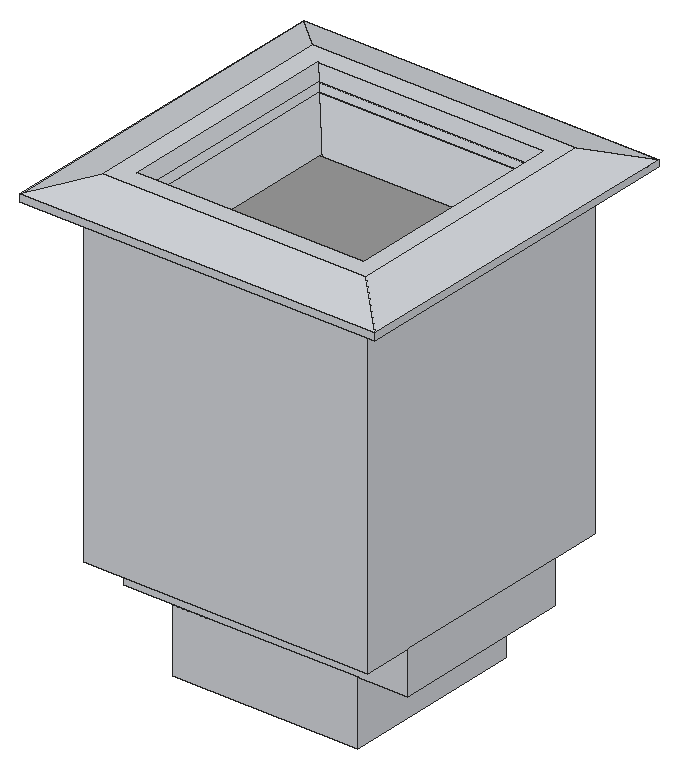
Revit family "2061053 Sylvania Lighting Fixture DOMINO 1xLED 940 BLACK MB TRIM WHITE", category Lighting Fixtures, host Face, Revit 2018
Family settings
  Host = Face
  Round Connector Dimension = Use Diameter
  Part Type = Normal
  OmniClass Number = 23.80.70.00
  OmniClass Title = Lighting
  Cut with Voids When Loaded = No
  Light Source = Yes
  Shared = No
  Room Calculation Point = No
Parameters (values of type "2061053 DOMINO 1XLED 940 BLACK MB TR WHT ")
  top top width = 15.812 mm
  top top length = 26 mm
  Width = 50 mm
  Weight = "n/a"
  Wattage Comments = ""
  Wattage = 9.2903 W
  WarrantyStartDate [instance] = "n/a"
  WarrantyGuarantorParts = "n/a"
  WarrantyDurationUnit = "n/a"
  WarrantyDurationParts = ""
  WarrantyDescription = "http://www.sylvania-lighting.com"
  built-in parameter 1150110 = 1 (stored number, unit not read)
  Voltage = 0 V
  URL = "0.6"
  TypeName = "DOMINO 1xLED 940 BLACK MB TRIM WHITE"
  Type Image = <None>
  Type Comments = "n/a"
  built-in parameter 1114217 = 1 (stored number, unit not read)
  Top Width = 26 mm
  Tilt Angle = 90.00°
  built-in parameter 1150109 = 1 (stored number, unit not read)
  built-in parameter 1150134 = 3
  built-in parameter 1150113 = 1 (stored number, unit not read)
  SerialNumber [instance] = "n/a"
  Recessed Width = 43 mm
  Recessed Length = 43 mm
  Photometric Web File = "2061053.ies"
  Material_3_FEILO = none
  PowerFactor = 0
  PowerConsumption = "Lighting"
  NominalLength = 50 mm
  NominalHeight = 0 mm
  NominalDepth = 0 mm
  Name = "DOMINO 1xLED 940 BLACK MB TRIM WHITE"
  ModelReference = Name  # "DOMINO 1xLED 940 BLACK MB TRIM WHITE"
  ModelNumber = "2061053"
  Model = Name  # "DOMINO 1xLED 940 BLACK MB TRIM WHITE"
  Material = "Feilo Sylvania"
  ManufacturerName = "48 lm/W"
  Manufacturer = ""
  LuminousEfficacy = ""
  built-in parameter 1150105 = 109.82 (stored number, unit not read)
  Lumens = 1380 lm
  LuminaireType = "0"
  built-in parameter 1150115 = 1 (stored number, unit not read)
  LightOutputRatio = "LED"
  built-in parameter 1150137 = (empty or 0)
  built-in parameter 1150139 = (empty or 0)
  Lens inside recess = 25 mm
  Lens Width = 32 mm
  Lens Outside recess = 31.978 mm
  Lens = Glass, White, High Luminance
  Length = 50 mm
  LampsType = Lamp  # "n/a"
  LampNominalLuminous = "4000 K"
  LampMacAdamStep = "90"
  LampColourTemperature = "LED"
  LampColourRenderingIndex = "16500"
  built-in parameter 1150112 = 1 (stored number, unit not read)
  built-in parameter 1150114 = 1 (stored number, unit not read)
  Lamp = "n/a"
  Keynote = "n/a"
  InstallationDate [instance] = "n/a"
  InputVoltage = "0"
  InputNominalFrequency = "4000"
  built-in parameter 1150132 = (empty or 0)
  built-in parameter 1150102 = (empty or 0)
  built-in parameter 1150107 = 3200 (stored number, unit not read)
  built-in parameter 1150138 = (empty or 0)
  IngressProtection = "IfcLightFixtureType"
  ImpactProtectionIndex = "IfcLightFixtureType"
  built-in parameter 1150106 = 1.0982 (stored number, unit not read)
  IfcExportType = "IfcLightFixtureType"
  IfcExportAs = "Class II"
  Facia internal width = 37 mm
  Facia internal length = 37 mm
  Facia Height = 2 mm
  ExpectedLife = 50000
  Emit from Circle Diameter = 609.6 mm
  Emit Shape Visible in Rendering = no
  ElectricShockClassification = "48"
  built-in parameter 1150104 = 13.8 (stored number, unit not read)
  DurationUnit = "hours"
  DocumentationLiterature = "http://www.sylvania-lighting.com/product/en-int/products/2061053"
  DimmingControlOptions = "n/a"
  Material_2_FEILO = none
  Dimming Lamp Color Temperature Shift = <None>
  Description = "Modular LED recessed linear spotlight, ideal for retail and hospitality applications. Die-cast aluminium body, passive cooling. Two levels of reflector installation, low glaring UGR<16. 1x LED source, 30° beam angle , optics: PMMA lens and polycarbonate reflector combination, Black matt reflector finish. Light color temperature: 4000K neutral white, total system power: 4W , total fixture lumen output: 190lm, efficacy: 48 lm/W, Ra90 typical, LED chromacity: 3 step MacAdam ellipse (SDCM3), lifespan: 96,000 hours at 90% of the original output (L90B10), IR/UV free light source without heat radiation, operating voltage: 220-240V / 50-60Hz, electronic driver, ultra low flicker, non-dimmable , electrical protection: Class II. Degree of Protection: IP40/IP20, suitable for indoor environment only. Ceiling cut-out: 43x43mm, outer dimensions:  50x50mm trim frame RAL 9016 - Traffic white / Bezel color.5 years Warranty."
  Default Elevation = 1219.2 mm
  CreatedOn = "09/02/2021"
  CreatedBy = "@sylvania-lighting.com"
  Cost = 0
  Color Filter = 16777215
  built-in parameter 1114216 [instance] = (empty or 0)
  ClassificationValue = "EF_70_80"
  ClassificationName = "Uniclass2015"
  Material_1_FEILO = none
  Body Width = 40 mm
  Body Length = 40 mm
  BarCode [instance] = "n/a"
  built-in parameter 1114218 = 1 (stored number, unit not read)
  built-in parameter 1150133 = 10 (stored number, unit not read)
  AssetType = "Fixed"
  AssetIdentifier [instance] = "n/a"
  Assembly Code = "D5020200"
  Apparent Load = 4 VA
  Material_4_FEILO = none
Reference planes
  plane 1 "Center (Front/Back)": y = 0
  plane 2: z = 0
  plane 3 "Center (Left/Right)": x = 0
  plane 4: z = 0
  plane 5: z = -7
  plane 6: z = -45.895
  plane 7: z = -51.895
  plane 8: z = -60.895
  plane 9: x = -21.5
  plane 10: x = 21.5
  plane 11: y = 21.5
  plane 12: y = -21.5
  plane 13: x = -25
  plane 14: x = 25
  plane 15: y = 25
  plane 16: y = -25
  plane 17: x = 18.5
  plane 18: x = -18.5
  plane 19: y = 18.5
  plane 20: y = -18.5
  plane 21: z = 2
  plane 22: x = -20
  plane 23: x = 20
  plane 24: y = 20
  plane 25: y = -20
  plane 26: y = 13
  plane 27: y = -13
  plane 28: y = 16
  plane 29: y = -16
  plane 30: x = 13
  plane 31: x = -13
  plane 32: x = -15.772
  plane 33: x = 16.206
  plane 34: y = 12.5
  plane 35: y = -12.5
  plane 36: x = -12.5
  plane 37: x = 12.5
Forms (mm)
  Extrusion 1, solid, not visible, detail levels medium+fine
    sketch origin (4.2, 0, 0) x (1, 0, 0) y (0, 1, 0)
      loop
        line (-29.2, 34.5) -> (-29.2, -34.5) -> (20.8, -34.5) -> (20.8, 34.5) -> (-29.2, 34.5)
    from 0 to 1
  Extrusion 2, solid, not visible, detail levels medium+fine
    sketch origin (4.044, 0, 0) x (1, 0, 0) y (0, 1, 0)
      loop
        line (-29.2, 34.5) -> (-29.2, -34.5) -> (20.8, -34.5) -> (20.8, 34.5) -> (-29.2, 34.5)
    from 0 to 1
  Blend 3, solid, not visible, detail levels medium+fine
    base sketch origin (4.2, 0, 0) x (1, 0, 0) y (0, 1, 0)
      loop
        line (-29.2, 34.5) -> (-29.2, -34.5) -> (20.8, -34.5) -> (20.8, 34.5) -> (-29.2, 34.5)
    top sketch origin (4.2, 0, 0) x (1, 0, 0) y (0, 1, 0)
      loop
        line (-21.7, 28) -> (-21.7, -28) -> (13.3, -28) -> (13.3, 28) -> (-21.7, 28)
    from 1 to 3
  Extrusion 4, solid, not visible, detail levels medium+fine
    sketch origin (3.419, 0, 0) x (1, 0, 0) y (0, 1, 0)
      loop
        line (-29.2, 34.5) -> (-29.2, -34.5) -> (20.8, -34.5) -> (20.8, 34.5) -> (-29.2, 34.5)
    from 0 to 1
  Blend 5, solid, not visible, detail levels medium+fine
    base sketch origin (3.575, 0, 0) x (1, 0, 0) y (0, 1, 0)
      loop
        line (-29.2, 34.5) -> (-29.2, -34.5) -> (20.8, -34.5) -> (20.8, 34.5) -> (-29.2, 34.5)
    top sketch origin (3.575, 0, 0) x (1, 0, 0) y (0, 1, 0)
      loop
        line (-21.7, 28) -> (-21.7, -28) -> (13.3, -28) -> (13.3, 28) -> (-21.7, 28)
    from 1 to 3
  Extrusion 6, solid, not visible, detail levels medium+fine
    sketch origin (4.247, 0, 0) x (1, 0, 0) y (0, 1, 0)
      loop
        line (-29.2, 34.5) -> (-29.2, -34.5) -> (20.8, -34.5) -> (20.8, 34.5) -> (-29.2, 34.5)
    from 0 to 1
  Blend 7, solid, not visible, detail levels medium+fine
    base sketch origin (4.403, 0, 0) x (1, 0, 0) y (0, 1, 0)
      loop
        line (-29.2, 34.5) -> (-29.2, -34.5) -> (20.8, -34.5) -> (20.8, 34.5) -> (-29.2, 34.5)
    top sketch origin (4.403, 0, 0) x (1, 0, 0) y (0, 1, 0)
      loop
        line (-21.7, 28) -> (-21.7, -28) -> (13.3, -28) -> (13.3, 28) -> (-21.7, 28)
    from 1 to 3
  Extrusion 8, void, detail levels medium+fine
    sketch origin (4.2, 0, 0) x (0, 1, 0) y (1, 0, 0)
      loop
        line (21.5, -25.7) -> (21.5, 17.3) -> (-21.5, 17.3) -> (-21.5, -25.7) -> (21.5, -25.7)
    from -9.934 to 83.097
  Extrusion 9, solid, detail levels medium+fine
    sketch origin (4.2, 0, 0) x (1, 0, 0) y (0, 1, 0)
      loop
        line (-29.2, 25) -> (-29.2, -25) -> (20.8, -25) -> (20.8, 25) -> (-29.2, 25)
    from 0 to 1
  Extrusion 10, solid, detail levels medium+fine
    sketch origin (4.2, 0, 0) x (1, 0, 0) y (0, 1, 0)
      loop
        line (-24.2, 20) -> (-24.2, -20) -> (15.8, -20) -> (15.8, 20) -> (-24.2, 20)
    from 0 to -45.895
  Extrusion 11, solid, detail levels medium+fine
    sketch origin (4.2, 0, 0) x (1, 0, 0) y (0, 1, 0)
      loop
        line (-24.2, 13) -> (-24.2, -13) -> (15.8, -13) -> (15.8, 13) -> (-24.2, 13)
    from -51.895 to -45.895
  Extrusion 12, solid, material "Glass, White, High Luminance" <- "Lens", detail levels fine
    sketch origin (13.547, 1218.849, 36.156) x (1, 0, 0) y (0, 1, 0)
      loop
        line (-26.047, -1206.7) -> (-26.047, -1231.7) -> (-1.047, -1231.7) -> (-1.047, -1206.7) -> (-26.047, -1206.7)
    from -43.156 to -42.182
  Blend 13, solid, detail levels medium+fine
    base sketch origin (4.2, 0, 0) x (1, 0, 0) y (0, 1, 0)
      loop
        line (-29.2, 25) -> (-29.2, -25) -> (20.8, -25) -> (20.8, 25) -> (-29.2, 25)
    top sketch origin (4.2, 0, 0) x (1, 0, 0) y (0, 1, 0)
      loop
        line (-22.7, 18.5) -> (-22.7, -18.5) -> (14.3, -18.5) -> (14.3, 18.5) -> (-22.7, 18.5)
    from 1 to 3
  Extrusion 14, solid, detail levels fine
    sketch origin (0, 0, 0) x (1, 0, 0) y (0, 0, 1)
      loop
        line (-13, -51.895) -> (-13, -60.895) -> (13, -60.895) -> (13, -51.895) -> (-13, -51.895)
    from -13 to 13
  Blend 15, void, detail levels medium+fine
    base sketch origin (4.2, 0, 0) x (0, 1, 0) y (-1, 0, 0)
      loop
        line (16, 19.972) -> (-16, 19.972) -> (-16, -12.006) -> (16, -12.006) -> (16, 19.972)
    top sketch origin (4.2, 0, 0) x (0, 1, 0) y (-1, 0, 0)
      loop
        line (12.5, 16.7) -> (-12.5, 16.7) -> (-12.5, -8.3) -> (12.5, -8.3) -> (12.5, 16.7)
    from 3 to -7
  Extrusion 16, solid, detail levels coarse
    sketch origin (4.2, 0, 0) x (1, 0, 0) y (0, 1, 0)
      loop
        line (-29.2, 25) -> (-29.2, -25) -> (20.8, -25) -> (20.8, 25) -> (-29.2, 25)
    from 3 to -60.895
Cuts and joins
  Blend 15 cuts Extrusion 9
  Blend 15 cuts Extrusion 10
  Blend 15 cuts Blend 13
Dimensions and locks
  "Recessed Length": plane 9 to plane 10
  equal spacing: plane 9, plane 3 "Center (Left/Right)", plane 10
  "Length": plane 13 to plane 14
  equal spacing: plane 13, plane 3 "Center (Left/Right)", plane 14
  "Recessed Width": plane 11 to plane 12
  equal spacing: plane 11, plane 1 "Center (Front/Back)", plane 12
  "Width": plane 15 to plane 16
  equal spacing: plane 15, plane 1 "Center (Front/Back)", plane 16
  "Facia internal length": plane 18 to plane 17
  equal spacing: plane 18, plane 3 "Center (Left/Right)", plane 17
  "Facia internal width": plane 19 to plane 20
  equal spacing: plane 19, plane 1 "Center (Front/Back)", plane 20
  "Facia Height": plane 21 to host face
  "Body Length": plane 22 to plane 23
  equal spacing: plane 22, plane 3 "Center (Left/Right)", plane 23
  "Body Width": plane 24 to plane 25
  equal spacing: plane 24, plane 1 "Center (Front/Back)", plane 25
  "Top Width": plane 26 to plane 27
  equal spacing: plane 26, plane 1 "Center (Front/Back)", plane 27
  "Lens Width": plane 28 to plane 29
  equal spacing: plane 28, plane 1 "Center (Front/Back)", plane 29
  "top top length": plane 31 to plane 30
  equal spacing: plane 31, plane 3 "Center (Left/Right)", plane 30  (x2)
  plane 30 to plane 31 = 26 mm
  equal spacing: plane 30, plane 3 "Center (Left/Right)", plane 31
  "Lens Outside recess": plane 32 to plane 33
  "Lens inside recess": plane 34 to plane 35
  equal spacing: plane 34, plane 1 "Center (Front/Back)", plane 35
  aligned and locked: plane 2 to host face
  aligned and locked: level to host face
  aligned and locked: Extrusion 11 to plane 7
  aligned and locked: Extrusion 10 to plane 6
  aligned and locked: cut or joined group of Blend 13, Blend 15 to Blend 15
Automatic sketch dimensions
  host sketch curve to host sketch curve = 2438.4 mm  (x2)
  Extrusion 1 sketch curve to Extrusion 1 sketch curve = 50 mm
  Extrusion 1 sketch curve to Extrusion 1 sketch curve = 69 mm
  Extrusion 2 sketch curve to Extrusion 2 sketch curve = 50 mm
  Extrusion 2 sketch curve to Extrusion 2 sketch curve = 69 mm
  Blend 3 sketch curve to Blend 3 sketch curve = 50 mm
  Blend 3 sketch curve to Blend 3 sketch curve = 69 mm
  Blend 3 sketch curve to Blend 3 sketch curve = 35 mm
  Blend 3 sketch curve to Blend 3 sketch curve = 56 mm
  Extrusion 4 sketch curve to Extrusion 4 sketch curve = 50 mm
  Extrusion 4 sketch curve to Extrusion 4 sketch curve = 69 mm
  Blend 5 sketch curve to Blend 5 sketch curve = 50 mm
  Blend 5 sketch curve to Blend 5 sketch curve = 69 mm
  Blend 5 sketch curve to Blend 5 sketch curve = 35 mm
  Blend 5 sketch curve to Blend 5 sketch curve = 56 mm
  Extrusion 6 sketch curve to Extrusion 6 sketch curve = 50 mm
  Extrusion 6 sketch curve to Extrusion 6 sketch curve = 69 mm
  Blend 7 sketch curve to Blend 7 sketch curve = 50 mm
  Blend 7 sketch curve to Blend 7 sketch curve = 69 mm
  Blend 7 sketch curve to Blend 7 sketch curve = 35 mm
  Blend 7 sketch curve to Blend 7 sketch curve = 56 mm
  plane 9 to Extrusion 8 sketch curve = 0 mm
  Extrusion 8 sketch curve to plane 12 = 0 mm
  Extrusion 8 sketch curve to plane 11 = 0 mm
  Extrusion 8 sketch curve to plane 10 = 0 mm
  plane 13 to Extrusion 9 sketch curve = 0 mm
  plane 14 to Extrusion 9 sketch curve = 0 mm
  Extrusion 9 sketch curve to plane 16 = 0 mm
  Extrusion 9 sketch curve to plane 15 = 0 mm
  Extrusion 10 sketch curve to plane 22 = 0 mm
  Extrusion 10 sketch curve to plane 23 = 0 mm
  Extrusion 10 sketch curve to plane 25 = 0 mm
  Extrusion 10 sketch curve to plane 24 = 0 mm
  Extrusion 11 sketch curve to plane 22 = 0 mm
  Extrusion 11 sketch curve to plane 23 = 0 mm
  Extrusion 11 sketch curve to plane 27 = 0 mm
  Extrusion 11 sketch curve to plane 26 = 0 mm
  Extrusion 12 sketch curve to plane 11 = 9.351 mm
  plane 1 "Center (Front/Back)" to Extrusion 12 sketch curve = 12.851 mm
  plane 18 to Extrusion 12 sketch curve = 6 mm
  Blend 13 sketch curve to plane 13 = 0 mm
  Blend 13 sketch curve to plane 14 = 0 mm
  Blend 13 sketch curve to plane 16 = 0 mm
  Blend 13 sketch curve to plane 15 = 0 mm
  Blend 13 sketch curve to plane 18 = 0 mm
  Blend 13 sketch curve to plane 17 = 0 mm
  Blend 13 sketch curve to plane 20 = 0 mm
  Blend 13 sketch curve to plane 19 = 0 mm
  Extrusion 12 sketch curve to Extrusion 12 sketch curve = 25 mm
  Extrusion 14 sketch curve to plane 8 = 0 mm
  Extrusion 14 sketch curve to plane 31 = 0 mm
  Extrusion 14 sketch curve to plane 30 = 0 mm
  Extrusion 14 sketch curve to plane 7 = 0 mm
  Blend 15 sketch curve to plane 29 = 0 mm
  Blend 15 sketch curve to plane 28 = 0 mm
  Blend 15 sketch curve to plane 33 = 0 mm
  Blend 15 sketch curve to plane 32 = 0 mm
  Blend 15 sketch curve to plane 35 = 0 mm
  Blend 15 sketch curve to plane 34 = 0 mm
  Blend 15 sketch curve to plane 37 = 0 mm
  Blend 15 sketch curve to plane 36 = 0 mm
  Extrusion 16 sketch curve to plane 13 = 0 mm
  Extrusion 16 sketch curve to plane 14 = 0 mm
  Extrusion 16 sketch curve to plane 16 = 0 mm
  Extrusion 16 sketch curve to plane 15 = 0 mm
Connectors
  electrical at (0, 0, -60.895)
    settings: on Extrusion 14, index 1, voltage 0 V, apparent load 0 VA, apparent load phase1 0 VA, apparent load phase2 0 VA, apparent load phase3 0 VA, power factor 1, load classification "Other", number of poles 1, system type 31, power factor state 1, is connector primary yes, connector utility no, sub classification motor no, connector description ""
